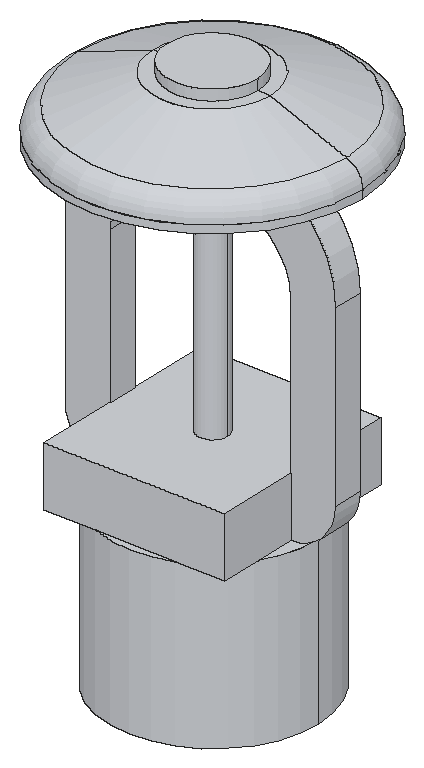
Revit family
Parameters (values of type "F1FR56 upright")
  URL = ""
  Temperature Rating = 135 °F
  Response = 1
  RASCO SIN # = "RA1425"
  RASCO Part # = "F1FR56U0B"
  Pressure Rating = "175 PSI"
  Pressure Class = (empty or 0)
  Orifice Size = 1/2"
  Orifice = (empty or 0)
  Model = "F1FR56"
  Manufacturer = "RASCO"
  K-Factor = 5.6
  Description = "Brz. Finish"
  Coverage = (empty or 0)
Reference planes (in)
  plane 1 "Center (Front/Back)": y = 0
  plane 2: z = 0
  plane 3 "Center (Left/Right)": x = 0
Nested families (in)
  nested 1: "F1FR56U0B" at (-0.11985, 0.07705, 0), type "RASCO F1FR56 UPRIGHT"
Connectors (in)
  piping at (-0.11985, 0.07705, 0)
    settings: on nested 1, index 1, connector radius 115/256", flow factor 0, pipe flow 0 GPM, pressure drop 0.00 psi, fitting loss kfactor 0, connector angle 0.00°, fixture units 0, flow configuration 0, flow direction 0, fitting loss method 0, system type 7, connector reference index -1, connector utility 0, adjustable connector no, is connector primary yes, fitting loss table "", connector description ""
Definition of nested family "F1FR56U0B"
  Parameters (values of type "RASCO F1FR56 UPRIGHT")
    Type Comments = "Upright"
    Temperature Rating = 155 °F
    Response = (empty or 0)
    RASCO SIN # = "RA1425"
    RASCO Part # = "F1FR56U1C"
    Pressure Rating = "175 PSI"
    Pressure Class = (empty or 0)
    Orifice Size = 1/2"
    Orifice = (empty or 0)
    Model = "F1FR56"
    Manufacturer = "RASCO"
    K-Factor = 5.6
    Description = "Chrome Finish"
    Coverage = (empty or 0)
    Assembly Code = ""
  Reference planes (in)
    plane 1 "Center (Front/Back)": y = 0
    plane 2: z = 0
    plane 3 "ref.2": z = 0.6875
    plane 4 "ref.3": z = 0.9375
    plane 5: x = -0.38065
    plane 6: x = 0.36935
    plane 7 "ref. side 1": y = 0.06402
    plane 8 "ref. side 2": y = -0.06098
    plane 9 "ref.4": z = 1.875
    plane 10 "ref.5": z = 2.3125
    plane 11 "ref.6": z = 2.4375
  Forms (in)
    Extrusion 1, solid
      sketch origin (0, 0, 0) x (1, 0, 0) y (0, 1, 0)
        loop
          circle (0, 0) r 0.4375
      from 0 to 0.6875
    Extrusion 2, solid
      sketch origin (-0.12185, 0.05177, 0.6875) x (1, 0, 0) y (0, 1, 0)
        loop
          line (-0.2588, 0.356) -> (-0.2588, -0.4565) -> (0.4912, -0.4565) -> (0.4912, 0.356) -> (-0.2588, 0.356)
      from 0 to 0.25
    Extrusion 3, solid
      sketch origin (0, 0, 0) x (1, 0, 0) y (0, 0, 1)
        loop
          line (-0.38065, 0.68754) -> (-0.38065, 1.58397)
          arc (-0.38065, 1.58397) -> (-0.29541, 1.78976) -> (-0.08962, 1.875) r 0.29103
          line (-0.08962, 1.875) -> (0.07524, 1.875)
          arc (0.07524, 1.875) -> (0.28321, 1.78886) -> (0.36935, 1.58089) r 0.29411
          line (0.36935, 1.58089) -> (0.36935, 0.68751)
          arc (0.36935, 0.68751) -> (0.50207, 0.74393) -> (0.55685, 0.87734) r 0.18984
          line (0.55685, 0.87734) -> (0.55685, 1.61676)
          arc (0.55685, 1.61676) -> (0.42629, 1.93194) -> (0.11111, 2.0625) r 0.44574
          line (0.11111, 2.0625) -> (-0.12259, 2.0625)
          arc (-0.12259, 2.0625) -> (-0.43765, 1.932) -> (-0.56815, 1.61694) r 0.44556
          line (-0.56815, 1.61694) -> (-0.56815, 0.87876)
          arc (-0.56815, 0.87876) -> (-0.51345, 0.74486) -> (-0.38065, 0.68754) r 0.19126
      from -0.06402 to 0.06098
    Extrusion 4, solid
      sketch origin (0, 0, 0.9375) x (-1, 0, 0) y (0, -1, 0)
        loop
          circle (0.00574, -0.00152) r 0.0625
      from 0 to 0.9375
    Extrusion 5, solid
      sketch origin (0, 0, 1.875) x (-1, 0, 0) y (0, -1, 0)
        loop
          circle (0.00574, -0.00152) r 0.1875
      from 0 to 0.4375
    Revolve 6, solid
      sketch origin (0, 0, -0.31276) x (1, 0, 0) y (0, 0, 1)
        loop
          line (-0.19324, 2.33367) -> (-0.19324, 2.58367) -> (-0.24995, 2.58367) -> (-0.56395, 2.46314)
          arc (-0.56395, 2.46314) -> (-0.61243, 2.42492) -> (-0.63074, 2.36595) r 0.1041
          line (-0.63074, 2.36595) -> (-0.63074, 2.33367) -> (-0.19324, 2.33367)
        axis (-0.00574, 2.33367) -> (-0.00574, 2.58367)
      angle from 0 to 360
  Cuts and joins
    joined: Extrusion 1, Extrusion 2, Extrusion 4, Revolve 6
  Lines and regions (in)
    model lines
      curve 1: line (-0.00574, 0.06402, 1.875) -> (-0.00574, -0.06098, 1.875)
